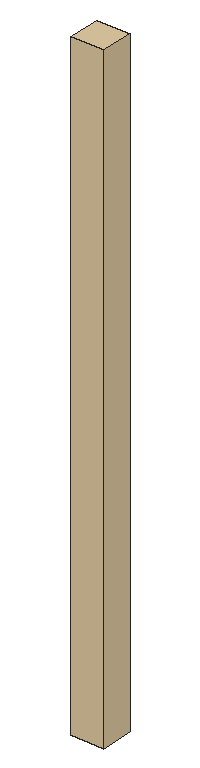
Revit family "PSL-평행 나선 재목-기둥", category 구조 기둥, Revit 2026
Family settings
  단면 모양 = 정의되지 않음
  모델 동작 재료 = 목재
  항상 형상으로 내보내기 = 아니오
  평면의 보 전환 = 경계 상자에서
  로드될 때 보이드를 사용하여 절단 = 아니오
  기호 표현 = 프로젝트 설정에서
  공유 = 아니오
  평면도에서 미리 절단된 패밀리 표시 = 예
Parameters (values of type "133 x 133")
  Structural Material [instance] = 목재 - 치수 재목
  b = 133 mm
  d = 133 mm
Types (3, lengths in mm): name | b | d
  (no name) | 133 | 133
  89 x 89 | 89 | 89
  133 x 133 | 133 | 133
Reference planes
  plane 1 "중심(앞/뒤)": y = 0
  plane 2: z = 0
  plane 3 "중심(왼쪽/오른쪽)": x = 0
  plane 4: x = -66.5
  plane 5: x = 66.5
  plane 6: y = 66.5
  plane 7: y = -66.5
Forms (mm)
  Extrusion 1, solid, material "목재 - 치수 재목" <- "Structural Material", detail levels medium+fine
    sketch origin (0, 0, 0) x (1, 0, 0) y (0, 1, 0)
      loop
        line (-66.5, 66.5) -> (-66.5, -66.5) -> (66.5, -66.5) -> (66.5, 66.5) -> (-66.5, 66.5)
    from 0 to 2500
Lines and regions (mm)
  symbolic lines, style "StructuralColumnStickSymbols", detail levels coarse
    curve 1: line (-66.5, 66.5, 0) -> (66.5, 66.5, 0)
    curve 2: line (-66.5, -66.5, 0) -> (66.5, -66.5, 0)
    curve 3: line (-66.5, 66.5, 0) -> (-66.5, -66.5, 0)
    curve 4: line (66.5, 66.5, 0) -> (66.5, -66.5, 0)
Dimensions and locks
  equal spacing: plane 4, plane 3 "중심(왼쪽/오른쪽)", plane 5
  equal spacing: plane 7, plane 1 "중심(앞/뒤)", plane 6
  "d": plane 7 to plane 6
  "b": plane 4 to plane 5
  aligned and locked: plane 6 to Extrusion 1 sketch curve
  aligned and locked: Extrusion 1 sketch curve to plane 7
  aligned and locked: Extrusion 1 sketch curve to plane 4
  aligned and locked: plane 5 to Extrusion 1 sketch curve
  aligned and locked: level to Extrusion 1
  aligned and locked: level to plane 2
  aligned and locked: Extrusion 1 to plane 2
Automatic sketch dimensions
  curve 3 to plane 4 = 0 mm
  curve 4 to plane 5 = 0 mm
  curve 3 to plane 7 = 0 mm
  curve 3 to plane 6 = 0 mm
